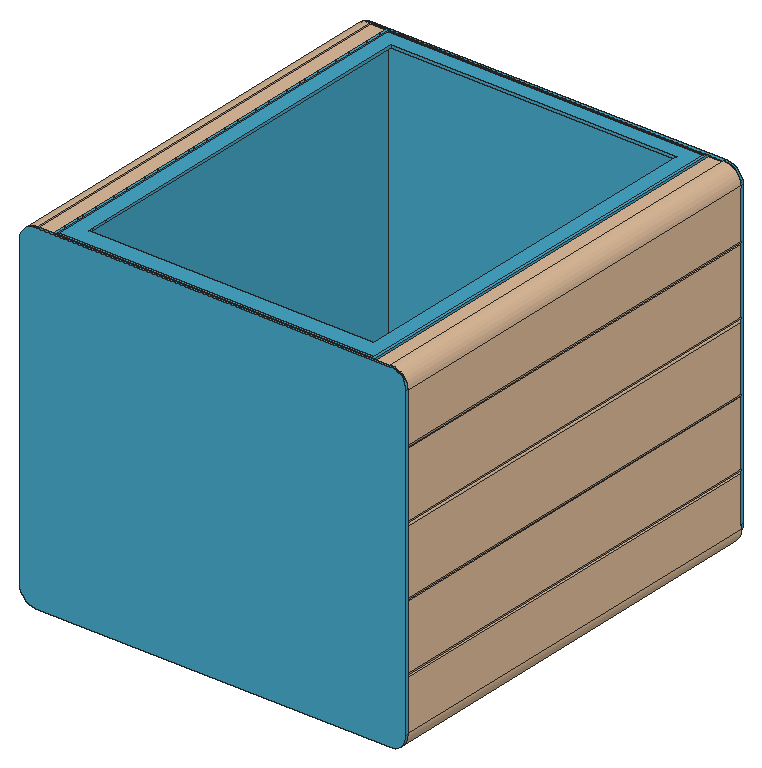
Revit family "product code 61215-S-LL", category Meble, Revit 2021
Family settings
  Numer OmniClass = 23.40.20.00
  Tytuł OmniClass = General Furniture and Specialties
  Oparty na płaszczyźnie roboczej = Nie
  Zawsze pionowo = Tak
  Tnij formami wycięć po wczytaniu = Nie
  Współdzielony = Nie
  Punkt obliczania pomieszczeń = Nie
Parameters (values of type "61215-S-L")
  wood = Kobenhagen Wood - Larch
  metal = Kobenhagen RAL 5012
  Wood = none
  Width = "50 cm"
  Weight = "45 kg"
  URL = "https://kobenhagen.com/en_US/p/Frederiksberg-Square-Plant-Case/148"
  Size = "85 L"
  Product line = "Frederiksberg"
  Product Groups = "Plant Cases"
  Producent = "Lars Laj"
  Keynote = ""
  Opis = "Frederiksberg Square Plant Case"
  Model = "61215-S-L"
  Metal = none
  Material = "Larch, stainless steel, powder coated steel"
  Maintenance = "We recommend to examine and tighten all screws and bolt clamps after a few weeks’ use. In order to prevent cracks and to extend the life of the wood, it is recommended that the wood details should be oiled every 3-5 years."
  Lenght = "55 cm"
  Type Comments = ""
  Kobenhagen Materials = "larslaj.com/bim"
  Hosted on larslaj.com = "https://larslaj.com/bim"
  Height = "46 cm"
  Domyślna rzędna = 0 mm
  Copyright = "All designs and drawings are the intellectual property of Lars Laj A/S and are protected by Danish and international copyright laws."
Reference planes
  plane 1 "front": y = 0
  plane 2: z = 0
  plane 3 "Środek (Lewa/Prawa)": x = 0
  plane 4 "back": y = 550
Forms (mm)
  Extrusion 1, solid, material "Kobenhagen RAL 5012" <- "metal", not visible
    sketch origin (0, 0, 0) x (0, 1, 0) y (0, 0, 1)
      loop
        arc (71.187, 451.5) -> (57.045, 445.642) -> (51.187, 431.5) r 20
        line (51.187, 431.5) -> (51.187, 18.231)
        arc (51.187, 18.231) -> (56.527, 5.34) -> (69.418, 0) r 18.231
        line (69.418, 0) -> (153.638, 0) -> (153.638, 15) -> (448.638, 15) -> (448.638, 0) -> (527.023, 0)
        arc (527.023, 0) -> (542.307, 6.331) -> (548.638, 21.615) r 21.615
        line (548.638, 21.615) -> (548.638, 429.407)
        arc (548.638, 429.407) -> (542.168, 445.029) -> (526.545, 451.5) r 22.093
        line (526.545, 451.5) -> (71.187, 451.5)
    from 750.378 to 745
  Extrusion 2, solid, material "Kobenhagen RAL 5012" <- "metal", not visible
    sketch origin (0, 0, 0) x (0, 1, 0) y (0, 0, 1)
      loop
        line (548.638, 396.844) -> (629.375, 854.725) -> (601.836, 859.581)
        arc (601.836, 859.581) -> (585.224, 855.898) -> (576.082, 841.547) r 22.232
        line (576.082, 841.547) -> (507.306, 451.5) -> (526.545, 451.5)
        arc (526.545, 451.5) -> (542.168, 445.029) -> (548.638, 429.407) r 22.093
        line (548.638, 429.407) -> (548.638, 396.844)
    from 745 to 750.378
  Extrusion 3, solid, material "Kobenhagen Wood - Larch" <- "wood"
    sketch origin (6.56, 533.799, 744) x (1, 0, 0) y (0, 0, 1)
      loop
        line (252.914, -641.5) -> (212, -641.5) -> (212, -731.97) -> (232.65, -731.97)
        arc (232.65, -731.97) -> (248.454, -725.424) -> (255, -709.621) r 22.35
        line (255, -709.621) -> (255, -643.586)
        arc (255, -643.586) -> (254.389, -642.111) -> (252.914, -641.5) r 2.086
    from -16.201 to 533.799
  Extrusion 4, solid, material "Kobenhagen Wood - Larch" <- "wood"
    sketch origin (6.56, 533.799, 839) x (1, 0, 0) y (0, 0, 1)
      loop
        line (253.57, -646.5) -> (212, -646.5) -> (212, -736.5) -> (252.105, -736.5)
        arc (252.105, -736.5) -> (254.152, -735.652) -> (255, -733.605) r 2.895
        line (255, -733.605) -> (255, -647.93)
        arc (255, -647.93) -> (254.581, -646.919) -> (253.57, -646.5) r 1.43
    from -16.201 to 533.799
  Extrusion 5, solid, material "Kobenhagen RAL 5012" <- "metal"
    sketch origin (6.56, 533.799, 35) x (1, 0, 0) y (0, 0, 1)
      loop
        arc (-233.5, 427.5) -> (-248.703, 421.203) -> (-255, 406) r 21.5
        line (-255, 406) -> (-255, -1.454)
        arc (-255, -1.454) -> (-248.703, -16.657) -> (-233.5, -22.954) r 21.5
        line (-233.5, -22.954) -> (233.5, -22.954)
        arc (233.5, -22.954) -> (248.703, -16.657) -> (255, -1.454) r 21.5
        line (255, -1.454) -> (255, 406)
        arc (255, 406) -> (248.703, 421.203) -> (233.5, 427.5) r 21.5
        line (233.5, 427.5) -> (-233.5, 427.5)
    from 533.799 to 536.016
  Extrusion 6, solid, material <- "Metal"
    sketch origin (6.56, 533.799, 0) x (1, 0, 0) y (0, 1, 0)
      loop
        line (-233.5, 16.201) -> (-233.5, -530.016) -> (232, -530.016) -> (232, 16.201) -> (-233.5, 16.201)
    from 12 to 19
  Extrusion 7, solid, material <- "Metal"
    sketch origin (6.56, 191.299, 0) x (1, 0, 0) y (0, 1, 0)
      loop
        line (-201.598, -114.603) -> (-201.598, -164.603) -> (-148.076, -164.603) -> (-148.076, -114.603) -> (-201.598, -114.603)
      loop
        line (151.598, -164.603) -> (201.598, -164.603) -> (201.598, -116.623) -> (151.598, -116.623) -> (151.598, -164.603)
      loop
        line (-201.598, 318.192) -> (-201.598, 264.07) -> (-148.076, 264.07) -> (-148.076, 318.192) -> (-201.598, 318.192)
      loop
        line (151.598, 268.23) -> (201.598, 268.23) -> (201.598, 318.372) -> (151.598, 318.372) -> (151.598, 268.23)
    from 0 to 12
  Extrusion 8, solid, material "Kobenhagen RAL 5012" <- "metal"
    sketch origin (6.56, 533.799, 0) x (1, 0, 0) y (0, 0, 1)
      loop
        line (-255.619, 441) -> (-255.619, 40.5)
        arc (-255.619, 40.5) -> (-249.322, 25.297) -> (-234.119, 19) r 21.5
        line (-234.119, 19) -> (233.5, 19)
        arc (233.5, 19) -> (248.703, 25.297) -> (255, 40.5) r 21.5
        line (255, 40.5) -> (255, 441)
        arc (255, 441) -> (248.703, 456.203) -> (233.5, 462.5) r 21.5
        line (233.5, 462.5) -> (-234.119, 462.5)
        arc (-234.119, 462.5) -> (-249.322, 456.203) -> (-255.619, 441) r 21.5
    from -19.196 to -16.201
  Extrusion 9, solid, material "Kobenhagen RAL 5012" <- "metal"
    sketch origin (6.56, 533.799, 0) x (1, 0, 0) y (0, 1, 0)
      loop
        line (-212, 16.201) -> (-212, -533.799) -> (212, -533.799) -> (212, 16.201) -> (-212, 16.201)
      loop
        line (-208.789, 13.093) -> (-208.789, -530.838) -> (208.6, -530.838) -> (208.6, 13.093) -> (-208.789, 13.093)
    from 19 to 462.5
  Extrusion 10, solid, material "Kobenhagen Wood - Larch" <- "wood"
    sketch origin (6.56, 533.799, -454) x (1, 0, 0) y (0, 0, 1)
      loop
        arc (253.57, 646.5) -> (254.581, 646.919) -> (255, 647.93) r 1.43
        line (255, 647.93) -> (255, 733.605)
        arc (255, 733.605) -> (254.152, 735.652) -> (252.105, 736.5) r 2.895
        line (252.105, 736.5) -> (212, 736.5) -> (212, 646.5) -> (253.57, 646.5)
    from -16.201 to 533.799
  Extrusion 11, solid, material "Kobenhagen Wood - Larch" <- "wood"
    sketch origin (6.56, 533.799, 1019) x (1, 0, 0) y (0, 0, 1)
      loop
        line (253.57, -646.5) -> (212, -646.5) -> (212, -736.5) -> (252.105, -736.5)
        arc (252.105, -736.5) -> (254.152, -735.652) -> (255, -733.605) r 2.895
        line (255, -733.605) -> (255, -647.93)
        arc (255, -647.93) -> (254.581, -646.919) -> (253.57, -646.5) r 1.43
    from -16.201 to 533.799
  Extrusion 12, solid, material "Kobenhagen Wood - Larch" <- "wood"
    sketch origin (5.94, 533.799, 744) x (-1, 0, 0) y (0, 0, -1)
      loop
        arc (252.914, 641.5) -> (254.389, 642.111) -> (255, 643.586) r 2.086
        line (255, 643.586) -> (255, 709.621)
        arc (255, 709.621) -> (248.454, 725.424) -> (232.65, 731.97) r 22.35
        line (232.65, 731.97) -> (212, 731.97) -> (212, 641.5) -> (252.914, 641.5)
    from -16.201 to 533.799
  Extrusion 13, solid, material "Kobenhagen Wood - Larch" <- "wood"
    sketch origin (5.94, 533.799, 839) x (-1, 0, 0) y (0, 0, -1)
      loop
        arc (253.57, 646.5) -> (254.581, 646.919) -> (255, 647.93) r 1.43
        line (255, 647.93) -> (255, 733.605)
        arc (255, 733.605) -> (254.152, 735.652) -> (252.105, 736.5) r 2.895
        line (252.105, 736.5) -> (212, 736.5) -> (212, 646.5) -> (253.57, 646.5)
    from -16.201 to 533.799
  Extrusion 14, solid, material "Kobenhagen Wood - Larch" <- "wood"
    sketch origin (5.94, 533.799, -269) x (-1, 0, 0) y (0, 0, -1)
      loop
        line (252.914, -641.5) -> (212, -641.5) -> (212, -730.307) -> (232.65, -730.307) -> (232.65, -731.97)
        arc (232.65, -731.97) -> (248.454, -725.424) -> (255, -709.621) r 22.35
        line (255, -709.621) -> (255, -643.586)
        arc (255, -643.586) -> (254.389, -642.111) -> (252.914, -641.5) r 2.086
    from -16.201 to 533.799
  Extrusion 15, solid, material "Kobenhagen Wood - Larch" <- "wood"
    sketch origin (5.94, 533.799, -454) x (-1, 0, 0) y (0, 0, -1)
      loop
        line (253.57, -646.5) -> (212, -646.5) -> (212, -736.5) -> (252.105, -736.5)
        arc (252.105, -736.5) -> (254.152, -735.652) -> (255, -733.605) r 2.895
        line (255, -733.605) -> (255, -647.93)
        arc (255, -647.93) -> (254.581, -646.919) -> (253.57, -646.5) r 1.43
    from -16.201 to 533.799
  Extrusion 16, solid, material "Kobenhagen Wood - Larch" <- "wood"
    sketch origin (5.94, 533.799, 1019) x (-1, 0, 0) y (0, 0, -1)
      loop
        arc (253.57, 646.5) -> (254.581, 646.919) -> (255, 647.93) r 1.43
        line (255, 647.93) -> (255, 733.605)
        arc (255, 733.605) -> (254.152, 735.652) -> (252.105, 736.5) r 2.895
        line (252.105, 736.5) -> (212, 736.5) -> (212, 646.5) -> (253.57, 646.5)
    from -16.201 to 533.799
  Extrusion 17, solid, material "Kobenhagen Wood - Larch" <- "wood"
    sketch origin (6.56, 533.799, -269) x (1, 0, 0) y (0, 0, 1)
      loop
        arc (252.914, 641.5) -> (254.389, 642.111) -> (255, 643.586) r 2.086
        line (255, 643.586) -> (255, 709.621)
        arc (255, 709.621) -> (248.454, 725.424) -> (232.65, 731.97) r 22.35
        line (232.65, 731.97) -> (232.65, 730.307) -> (212, 730.307) -> (212, 641.5) -> (252.914, 641.5)
    from -16.201 to 533.799
  Extrusion 18, solid, material "Kobenhagen RAL 5012" <- "metal"
    sketch origin (0, 0, 0) x (1, 0, 0) y (0, 1, 0)
      loop
        line (-206.06, 550) -> (-206.06, 0) -> (218.56, 0) -> (218.56, 550) -> (-206.06, 550)
      loop
        line (-181.016, 526.18) -> (-181.016, 26.696) -> (195.723, 26.696) -> (195.723, 526.18) -> (-181.016, 526.18)
    from 459.66 to 462.5
Dimensions and locks
  plane 1 "front" to plane 4 "back" = 550 mm
  aligned and locked: level to plane 2
  aligned and locked: plane 4 "back" to Extrusion 14
  aligned and locked: plane 1 "front" to Extrusion 3
  aligned and locked: plane 1 "front" to Extrusion 12
  aligned and locked: plane 4 "back" to Extrusion 17
